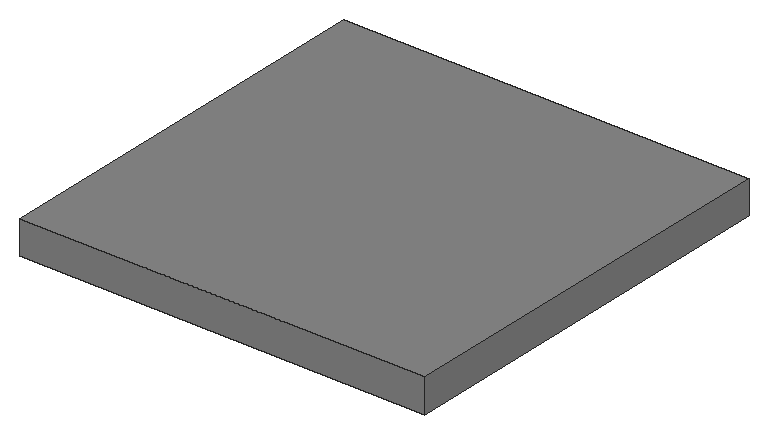
Revit family "Семейство-1", category Обобщенные модели, Revit 2022
Family settings
  Может служить основой для арматурных стержней = Нет
  Размер круглого соединителя = Использовать диаметр
  Тип детали = Нормальный
  На основе рабочей плоскости = Нет
  Всегда вертикально = Да
  При загрузке вырезать с полостями = Нет
  Сохранять ориентацию аннотаций = Нет
  Общий = Нет
  Точка принадлежности помещению = Нет
Parameters
  Отметка по умолчанию = 0 mm
Reference planes
  plane 1 "По центру (Вперед/Назад)": y = 0
  plane 2: z = 0
  plane 3 "По центру (Влево/Вправо)": x = 0
Forms (mm)
  Extrusion 1, solid, material "Новый материал"
    sketch origin (0, -240, 0) x (1, 0, 0) y (0, 1, 0)
      loop
        line (-1500, -1260) -> (1500, -1260) -> (1500, 1740) -> (-1500, 1740) -> (-1500, -1260)
    from 0 to 250
Dimensions and locks
  equal spacing: Extrusion 1, plane 3 "По центру (Влево/Вправо)", Extrusion 1
  Extrusion 1 to plane 1 "По центру (Вперед/Назад)" to Extrusion 1 = 1500 mm, 1500 mm
  aligned and locked: level to plane 2
Automatic sketch dimensions
  Extrusion 1 sketch curve to plane 3 "По центру (Влево/Вправо)" = 1500 mm
  plane 3 "По центру (Влево/Вправо)" to Extrusion 1 sketch curve = 1500 mm
  plane 1 "По центру (Вперед/Назад)" to Extrusion 1 sketch curve = 1500 mm
  Extrusion 1 sketch curve to plane 1 "По центру (Вперед/Назад)" = 1500 mm
